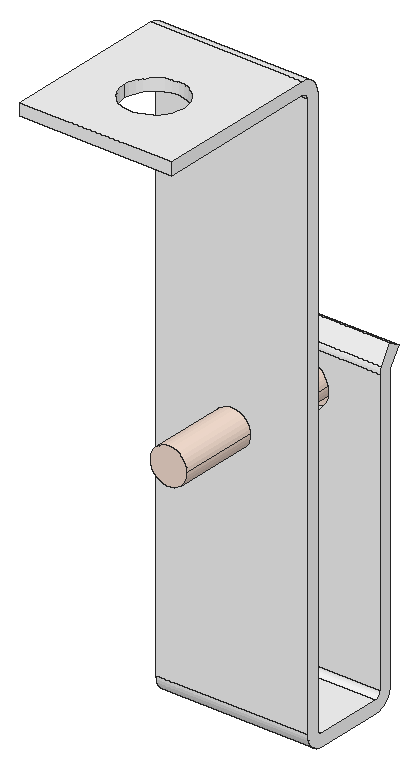
Revit family "screwhanger_c38_outer", category 機械設備, Revit 2022
Family settings
  丸型コネクタ寸法 = 直径を使用
  種別 = なし
  パーツ タイプ = 標準
  作業面ベース = いいえ
  常に垂直 = はい
  ロード時にボイドで切り取り = いいえ
  注釈の向きを維持 = いいえ
  共有 = いいえ
  部屋計算ポイント = いいえ
Parameters
  製造元 = "株式会社桐井製作所"
  既定の高さ = 0 mm
  URL = "https://www.kirii.co.jp/"
  K_材質 = "SGHC　一般用"
  K_品名 = "C-38ビス付ハンガー(外折れ)"
  K_名称 = "その他ハンガー"
  K_入数 = "200"
  K_バージョン情報 = "20211012"
  K_めっき付着量 = "Z12"
  K_JIS規格 = "JIS G 3302"
Reference planes
  plane 1 "中心(正面/背面)": y = 0
  plane 2: z = 0
  plane 3 "中心(左/右)": x = 0
  plane 4: x = 12.5
  plane 5: x = -12.5
Forms (mm)
  Extrusion 1, solid
    sketch origin (2.5, 0, 0) x (0, 1, 0) y (0, 0, 1)
      loop
        line (0, 1) -> (0, 95)
        arc (0, 95) -> (-0.879, 97.121) -> (-3, 98) r 3
        line (-3, 98) -> (-30, 98) -> (-30, 96) -> (-3, 96)
        arc (-3, 96) -> (-2.293, 95.707) -> (-2, 95) r 1
        line (-2, 95) -> (-2, 1)
        arc (-2, 1) -> (-1.121, -1.121) -> (1, -2) r 3
        line (1, -2) -> (12, -2)
        arc (12, -2) -> (14.121, -1.121) -> (15, 1) r 3
        line (15, 1) -> (15, 47.7) -> (16.701, 50.447) -> (15, 51.5) -> (13.299, 48.753)
        arc (13.299, 48.753) -> (13.076, 48.247) -> (13, 47.7) r 2
        line (13, 47.7) -> (13, 1)
        arc (13, 1) -> (12.707, 0.293) -> (12, 0) r 1
        line (12, 0) -> (1, 0)
        arc (1, 0) -> (0.293, 0.293) -> (0, 1) r 1
    from -15 to 10
  Extrusion 2, void
    sketch origin (0, 18.167, -59.485) x (1, 0, 0) y (0, 1, 0)
      loop
        circle (0, -36.166) r 5
    from 155.485 to 157.485
  Extrusion 3, void
    sketch origin (0, 0, 0) x (1, 0, 0) y (0, 0, 1)
      loop
        circle (0, 42.1) r 4
    from -15 to -13
  Extrusion 4, void
    sketch origin (0, 0, 0) x (1, 0, 0) y (0, 0, 1)
      loop
        circle (0.011, 42.056) r 3
    from 0 to 2
Cuts and joins
  Extrusion 2, Extrusion 3, Extrusion 4 cuts Extrusion 1
Dimensions and locks
  aligned and locked: level to plane 2
Nested families
  nested 1: "M6×30ボルト" at (0, 15, 42.256) x (-1, 0, 0) z (0, 0, 1), type "M6×30ボルト"
Definition of nested family "M6×30ボルト"
  Parameters (values of type "M6×30ボルト")
    Manufacturer = "株式会社桐井製作所"
    Default Elevation = 0 mm
    URL = "https://www.kirii.co.jp/"
    K_名称 = "M6×30ボルト"
  Reference planes
    plane 1 "中心(正面/背面)": y = 0
    plane 2: z = 0
    plane 3 "中心(左/右)": x = 0
    plane 4 "正面": y = -4
  Forms (mm)
    Extrusion 1, solid
      sketch origin (0, 0, 0) x (1, 0, 0) y (0, 0, 1)
        loop
          line (-4.763, -2.946) -> (0, -5.696) -> (4.763, -2.946) -> (4.763, 2.554) -> (0, 5.304) -> (-4.763, 2.554) -> (-4.763, -2.946)
      from 0 to 4
    Extrusion 2, void
      sketch origin (0, -4, 0) x (-1, 0, 0) y (0, 0, 1)
        loop
          circle (0, -0.156) r 4.396
      from 0 to 1
    Extrusion 3, void
      sketch origin (0, -4, 0) x (-1, 0, 0) y (0, 0, 1)
        loop
          arc (-0.6, 1.814) -> (-1.069, 0.856) -> (-2.036, 0.404) r 1.605
          line (-2.036, 0.404) -> (-2.939, 0.404)
          arc (-2.939, 0.404) -> (-3, -0.195) -> (-2.94, -0.795) r 3
          line (-2.94, -0.795) -> (-2.049, -0.795)
          arc (-2.049, -0.795) -> (-1.074, -1.243) -> (-0.6, -2.206) r 1.605
          line (-0.6, -2.206) -> (-0.6, -3.135)
          arc (-0.6, -3.135) -> (0, -3.196) -> (0.6, -3.135) r 3
          line (0.6, -3.135) -> (0.6, -2.206)
          arc (0.6, -2.206) -> (1.074, -1.243) -> (2.049, -0.795) r 1.605
          line (2.049, -0.795) -> (2.94, -0.795)
          arc (2.94, -0.795) -> (3, -0.198) -> (2.941, 0.398) r 3
          line (2.941, 0.398) -> (2.117, 0.398)
          arc (2.117, 0.398) -> (1.098, 0.828) -> (0.6, 1.814) r 1.605
          line (0.6, 1.814) -> (0.6, 2.743)
          arc (0.6, 2.743) -> (0, 2.804) -> (-0.6, 2.743) r 3
          line (-0.6, 2.743) -> (-0.6, 1.814)
      from 0 to 2
    Extrusion 4, solid
      sketch origin (0, 0, 0) x (1, 0, 0) y (0, 0, 1)
        loop
          circle (-0.011, -0.2) r 3
      from 0 to -30
  Cuts and joins
    Extrusion 2, Extrusion 3 cuts Extrusion 1
    joined: Extrusion 1, Extrusion 4
  Dimensions and locks
    aligned and locked: level to plane 2
